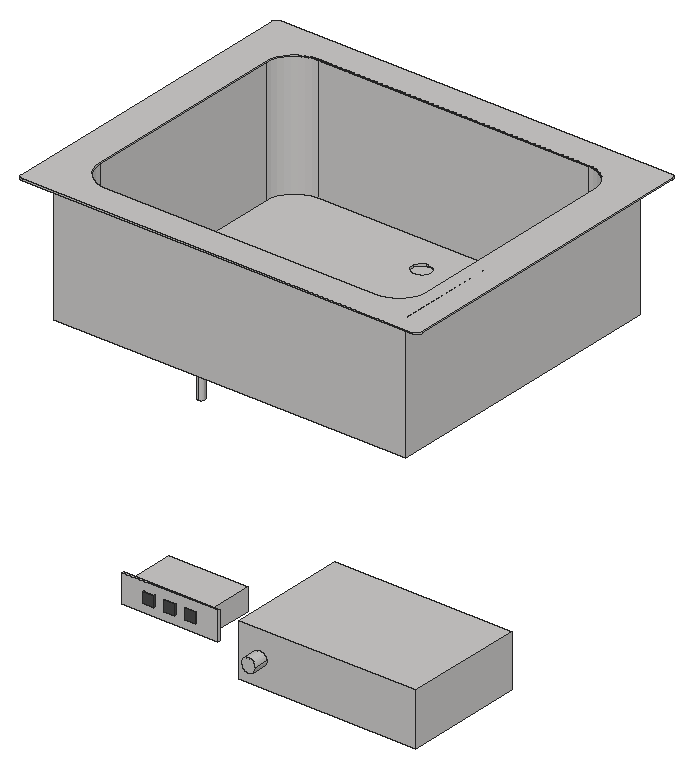
Revit family "QF_ELECTROLUXPROFESSIONAL_341088_D10R2", category Specialty Equipment, Revit 2018
Family settings
  Round Connector Dimension = Use Diameter
  Part Type = Normal
  Work Plane-Based = No
  Always vertical = Yes
  Cut with Voids When Loaded = No
  Shared = No
  Room Calculation Point = No
Parameters (values of type "Standard")
  Weight = 22.50 kg
  Watts = 0 W
  Volts = 220 V
  URL Manufacturer = "http://professional.electrolux.com"
  URL = "http://professional.electrolux.com"
  Steam Supply Size = 0 mm
  Steam Supply Minimum Pressure = 0.0 Pa
  Steam Supply Maximum Pressure = 0.0 Pa
  Steam Pounds per Hour = 0
  Show Clearance [instance] = yes
  Remote Electrical Box_Z [instance] = 200.00 mm
  Remote Electrical Box_Y [instance] = 500.00 mm
  Remote Electrical Box_X [instance] = 500.00 mm
  Refrigeration Suction Line Size = 0.042 mm
  Refrigeration Liquid Line Size = 0.031 mm
  Refrigerant Compressor Remote = yes
  Manufacturer = "Electrolux Professional"
  Phase = 1
  Model = "D10R2"
  Length Actual = 770.00 mm  # constant formula
  Item Number = "341088"
  Hot Water Size = 0 mm
  Height Actual = 260.00 mm  # constant formula
  HP = "0 HP"
  Gas Size = 0 mm
  Gas KW = 0
  Gas Input Pressure = 0 W
  Direct Waste Size = 25.4 mm
  Description = "DROP-IN REMOTE, REFRIGERATED WELL, STATIC, 2GN"
  Depth Actual = 620.00 mm  # constant formula
  Cycle = 50 Hz
  Controller_Y [instance] = 500.00 mm
  Controller_1Z [instance] = 200.00 mm
  Controller_1X [instance] = 200.00 mm
  Condensate Return Size = 0 mm
  Compressed Air Volume = 0.0 L/s
  Compressed Air Size = 0 mm
  Compressed Air Pressure = 0.0 Pa
  Cold Water Size = 0 mm
  Accessory = yes
Types (2, lengths in mm): name | Volts | URL Manufacturer | URL | Manufacturer | Phase | Model | Item Number | Description | Cycle
  341036.rfa | 0 V | "" | 0.00 | 0.00 | 0 | 0.00 | "" | 0.00 | 0 Hz
  Standard | 220 V | "http://professional.electrolux.com" | "http://professional.electrolux.com" | "Electrolux Professional" | 1 | "D10R2" | "341088" | "DROP-IN REMOTE, REFRIGERATED WELL, STATIC, 2GN" | 50 Hz
Reference planes
  plane 1 "Centro (Fronte/Retro)": y = 74.737
  plane 2: z = 0
  plane 3 "BACK": y = 384.737
  plane 4 "FRONT": y = -235.263
  plane 5 "RIGHT": x = -129.269
  plane 6 "LEFT": x = -899.269
  plane 7 "1": x = -514.269
  plane 8 "TOP": z = 900
  plane 9: y = 354.737
  plane 10: y = -205.263
  plane 11: x = -176.469
  plane 12: x = -852.069
  plane 13: y = 329.737
  plane 14: y = -180.263
  plane 15: x = -829.269
  plane 16: x = -199.269
  plane 17: z = 898
  plane 18: z = 658
  plane 19: z = 661
  plane 20: z = 265
  plane 21: x = -354.269
  plane 22: y = 349.537
  plane 23: y = -200.063
  plane 24: x = -774.269
  plane 25: x = -324.269
  plane 26: x = -514.269
  plane 27: y = 254.737
  plane 28: y = -165.263
  plane 29: y = 314.737
  plane 30: x = -699.269
  plane 31: x = -399.269
  plane 32: y = -115.263
  plane 33: y = -115.263
  plane 34: z = 200
  plane 35: z = 200
Forms (mm)
  Extrusion 1, solid, material "QF_Finishes_Stainless Steel"
    sketch origin (0, 0, 900) x (-1, 0, 0) y (0, -1, 0)
      loop
        line (176.469, -354.737) -> (852.069, -354.737) -> (852.069, 205.263) -> (176.469, 205.263) -> (176.469, -354.737)
    from -2 to -242
  Extrusion 2, void
    sketch origin (0, 0, 900) x (-1, 0, 0) y (0, -1, 0)
      loop
        line (829.269, -273.737) -> (829.269, 124.263)
        arc (829.269, 124.263) -> (812.867, 163.861) -> (773.269, 180.263) r 56
        line (773.269, 180.263) -> (255.269, 180.263)
        arc (255.269, 180.263) -> (215.671, 163.861) -> (199.269, 124.263) r 56
        line (199.269, 124.263) -> (199.269, -273.737)
        arc (199.269, -273.737) -> (215.671, -313.335) -> (255.269, -329.737) r 56
        line (255.269, -329.737) -> (773.269, -329.737)
        arc (773.269, -329.737) -> (812.867, -313.335) -> (829.269, -273.737) r 56
    from 0 to -239
  Extrusion 3, void
    sketch origin (-498.395, -193.95, 900) x (-1, 0, 0) y (0, -1, 0)
      loop
        circle (15.874, -448.687) r 18
    from -243.6 to -239
  Sweep 4, solid, material "QF_Finishes_Stainless Steel"
    path origin (-514.269, 0, 0) x (0, 1, 0) y (0, 0, 1)
      loop
        line (254.737, 658) -> (254.737, 629) -> (205.737, 629)
    profile origin (-514.269, 254.737, 643.5) x (1, 0, 0) y (0, 1, 0)
      loop
        circle (0, 0) r 18
  Extrusion 5, solid, material "QF_Finishes_Stainless Steel"
    sketch origin (0, 0, 900) x (-1, 0, 0) y (0, -1, 0)
      loop
        line (139.269, -384.737) -> (889.269, -384.737)
        arc (889.269, -384.737) -> (896.34, -381.808) -> (899.269, -374.737) r 10
        line (899.269, -374.737) -> (899.269, 225.263)
        arc (899.269, 225.263) -> (896.34, 232.334) -> (889.269, 235.263) r 10
        line (889.269, 235.263) -> (139.269, 235.263)
        arc (139.269, 235.263) -> (132.198, 232.334) -> (129.269, 225.263) r 10
        line (129.269, 225.263) -> (129.269, -374.737)
        arc (129.269, -374.737) -> (132.198, -381.808) -> (139.269, -384.737) r 10
      loop
        arc (829.269, 124.263) -> (812.867, 163.861) -> (773.269, 180.263) r 56
        line (773.269, 180.263) -> (255.269, 180.263)
        arc (255.269, 180.263) -> (215.671, 163.861) -> (199.269, 124.263) r 56
        line (199.269, 124.263) -> (199.269, -273.737)
        arc (199.269, -273.737) -> (215.671, -313.335) -> (255.269, -329.737) r 56
        line (255.269, -329.737) -> (773.269, -329.737)
        arc (773.269, -329.737) -> (812.867, -313.335) -> (829.269, -273.737) r 56
        line (829.269, -273.737) -> (829.269, 124.263)
    from 0 to -2
  Extrusion 6, solid, material "QF_Finishes_Stainless Steel"
    sketch origin (-907.332, 589.006, 746) x (0, -1, 0) y (1, 0, 0)
      loop
        circle (566.269, 155.263) r 6.35
    from -88 to -288
  Extrusion 7, solid, material "QF_Finishes_Stainless Steel"
    sketch origin (-907.332, 589.006, 746) x (0, -1, 0) y (1, 0, 0)
      loop
        circle (466.269, 155.263) r 4.76
    from -88 to -238
Cuts and joins
  Extrusion 2, Extrusion 3 cuts Extrusion 1
Lines and regions (mm)
  symbolic lines
    curve 1: line (-139.269, 384.737, 900) -> (-889.269, 384.737, 900)
    curve 2: arc (-889.269, 384.737, 900) -> (-896.34, 381.808, 900) -> (-899.269, 374.737, 900) r 10
    curve 3: line (-899.269, 374.737, 900) -> (-899.269, -225.263, 900)
    curve 4: arc (-899.269, -225.263, 900) -> (-896.34, -232.334, 900) -> (-889.269, -235.263, 900) r 10
    curve 5: line (-889.269, -235.263, 900) -> (-139.269, -235.263, 900)
    curve 6: arc (-139.269, -235.263, 900) -> (-132.198, -232.334, 900) -> (-129.269, -225.263, 900) r 10
    curve 7: line (-129.269, -225.263, 900) -> (-129.269, 374.737, 900)
    curve 8: arc (-129.269, 374.737, 900) -> (-132.198, 381.808, 900) -> (-139.269, 384.737, 900) r 10
    curve 9: line (-829.269, -124.263, 900) -> (-829.269, 273.737, 900)
    curve 10: arc (-829.269, 273.737, 900) -> (-812.867, 313.335, 900) -> (-773.269, 329.737, 900) r 56
    curve 11: line (-773.269, 329.737, 900) -> (-255.269, 329.737, 900)
    curve 12: arc (-255.269, 329.737, 900) -> (-215.671, 313.335, 900) -> (-199.269, 273.737, 900) r 56
    curve 13: line (-199.269, 273.737, 900) -> (-199.269, -124.263, 900)
    curve 14: arc (-199.269, -124.263, 900) -> (-215.671, -163.861, 900) -> (-255.269, -180.263, 900) r 56
    curve 15: line (-255.269, -180.263, 900) -> (-773.269, -180.263, 900)
    curve 16: arc (-773.269, -180.263, 900) -> (-812.867, -163.861, 900) -> (-829.269, -124.263, 900) r 56
    curve 17: arc (-496.269, 254.737, 900) -> (-514.269, 272.737, 900) -> (-532.269, 254.737, 900) r 18
    curve 18: arc (-532.269, 254.737, 900) -> (-514.269, 236.737, 900) -> (-496.269, 254.737, 900) r 18
  symbolic lines, style "SpecialityEquipmentHiddenLines"
    curve 19: line (-852.069, 354.737, 900) -> (-176.469, 354.737, 900)
    curve 20: line (-852.069, -205.263, 900) -> (-852.069, 354.737, 900)
    curve 21: line (-176.469, -205.263, 900) -> (-852.069, -205.263, 900)
    curve 22: line (-176.469, 354.737, 900) -> (-176.469, -205.263, 900)
    curve 23: line (-774.269, 314.737, 900) -> (-324.269, 314.737, 900)
    curve 24: line (-774.269, -165.263, 900) -> (-774.269, 314.737, 900)
    curve 25: line (-324.269, -165.263, 900) -> (-774.269, -165.263, 900)
    curve 26: line (-324.269, 314.737, 900) -> (-324.269, -165.263, 900)
    curve 27: line (-514.269, 329.737, 900) -> (-514.269, -180.263, 900)
Dimensions and locks
  plane 6 "LEFT" to plane 5 "RIGHT" = 770.00 mm
  equal spacing: plane 3 "BACK", plane 1 "Centro (Fronte/Retro)", plane 4 "FRONT"
  plane 3 "BACK" to plane 4 "FRONT" = 620.00 mm
  equal spacing: plane 6 "LEFT", plane 7 "1", plane 5 "RIGHT"
  locked: plane 8 "TOP" to plane 2 at 900
  plane 6 "LEFT" to plane 12 = 47.20 mm
  plane 11 to plane 5 "RIGHT" = 47.20 mm
  locked: plane 3 "BACK" to plane 9 at 30
  locked: plane 10 to plane 4 "FRONT" at 30
  locked: plane 3 "BACK" to plane 13 at 55
  locked: plane 14 to plane 4 "FRONT" at 55
  locked: plane 6 "LEFT" to plane 15 at 70
  locked: plane 16 to plane 5 "RIGHT" at 70
  locked: plane 8 "TOP" to plane 17 at 2
  plane 8 "TOP" to plane 18 = 242.00 mm
  locked: plane 19 to plane 18 at 3
  plane 8 "TOP" to plane 20 = 635.00 mm
  plane 25 to plane 24 = 450.00 mm
  plane 26 to plane 5 "RIGHT" = 385.00 mm
  locked: plane 13 to plane 27 at 75
  plane 15 to plane 16 = 630.00 mm
  plane 13 to plane 14 = 510.00 mm
  plane 24 to plane 6 "LEFT" = 125.00 mm
  plane 18 to plane 20 = 393.00 mm
  equal spacing: plane 28, plane 1 "Centro (Fronte/Retro)", plane 29
  plane 28 to plane 29 = 480.00 mm
  "Controller_Y": plane 3 "BACK" to plane 33
  "Remote Electrical Box_Y": plane 3 "BACK" to plane 32
  "Controller_1X": plane 6 "LEFT" to plane 30
  "Remote Electrical Box_X": plane 6 "LEFT" to plane 31
  "Remote Electrical Box_Z": plane 35 to plane 2
  "Controller_1Z": plane 34 to plane 2
  aligned and locked: level to plane 2
  aligned and locked: plane 9 to Extrusion 1 sketch curve
  aligned and locked: plane 11 to Extrusion 1 sketch curve
  aligned and locked: Extrusion 1 sketch curve to plane 10
  aligned and locked: Extrusion 1 sketch curve to plane 12
  aligned and locked: Extrusion 1 to plane 18
  aligned and locked: Extrusion 2 to plane 19
  aligned and locked: plane 19 to Extrusion 3
  aligned and locked: Extrusion 5 to plane 17
  aligned and locked: plane 30 to nested 1
  aligned and locked: plane 31 to nested 2
  aligned and locked: plane 32 to nested 2
  aligned and locked: nested 1 to plane 33
  aligned and locked: nested 1 to plane 34
  aligned and locked: plane 35 to nested 2
Automatic sketch dimensions
  Extrusion 2 sketch curve to plane 13 = 56.00 mm
  Extrusion 2 sketch curve to plane 16 = 56.00 mm
  plane 14 to Extrusion 2 sketch curve = 56.00 mm
  plane 15 to Extrusion 2 sketch curve = 56.00 mm
  Extrusion 3 sketch curve to plane 26 = 0.00 mm
  Extrusion 3 sketch curve to plane 27 = 0.00 mm
  Sweep 4 sketch curve to plane 27 = 0.00 mm
  Sweep 4 sketch curve to plane 18 = 0.00 mm
  Sweep 4 sketch curve to plane 18 = 29.00 mm
  Sweep 4 sketch curve to Sweep 4 sketch curve = 49.00 mm
  Sweep 4 sketch curve to Sweep 4 sketch curve = 0.00 mm  (x2)
  profile plane to Sweep 4 sketch curve = 0.00 mm
  Sweep 4 sketch curve to plane 7 "1" = 0.00 mm
  Sweep 4 sketch curve to plane 7 "1" = 18.00 mm
  Extrusion 2 sketch curve to plane 16 = 0.00 mm
  Extrusion 2 sketch curve to plane 14 = 0.00 mm
  Extrusion 2 sketch curve to plane 13 = 0.00 mm
  Extrusion 2 sketch curve to plane 15 = 0.00 mm
  Extrusion 5 sketch curve to plane 3 "BACK" = 0.00 mm
  Extrusion 5 sketch curve to plane 6 "LEFT" = 0.00 mm
  Extrusion 5 sketch curve to plane 3 "BACK" = 10.00 mm  (x2)
  plane 4 "FRONT" to Extrusion 5 sketch curve = 10.00 mm
  Extrusion 5 sketch curve to plane 4 "FRONT" = 0.00 mm
  Extrusion 5 sketch curve to plane 5 "RIGHT" = 10.00 mm
  Extrusion 5 sketch curve to plane 5 "RIGHT" = 0.00 mm
  Extrusion 5 sketch curve to plane 16 = 0.00 mm
  Extrusion 5 sketch curve to plane 14 = 0.00 mm
  Extrusion 5 sketch curve to plane 13 = 0.00 mm
  Extrusion 5 sketch curve to plane 15 = 0.00 mm
  plane 27 to Extrusion 5 sketch curve = 19.00 mm
  plane 28 to Extrusion 5 sketch curve = 41.00 mm
  plane 24 to Extrusion 5 sketch curve = 1.00 mm  (x2)
  curve 7 to plane 5 "RIGHT" = 0.00 mm
  curve 8 to plane 3 "BACK" = 0.00 mm
  curve 6 to plane 4 "FRONT" = 0.00 mm
  curve 22 to plane 9 = 0.00 mm
  curve 22 to plane 11 = 0.00 mm
  curve 14 to plane 16 = 0.00 mm
  curve 25 to plane 25 = 0.00 mm
  curve 17 to plane 27 = 0.00 mm
  curve 27 to plane 7 "1" = 0.00 mm
  curve 18 to plane 7 "1" = 0.00 mm
  curve 23 to plane 24 = 0.00 mm
  curve 10 to plane 15 = 0.00 mm
  curve 20 to plane 12 = 0.00 mm
  curve 2 to plane 6 "LEFT" = 0.00 mm
  curve 27 to plane 13 = 0.00 mm
  curve 23 to plane 29 = 0.00 mm
  curve 25 to plane 28 = 0.00 mm
  curve 27 to plane 14 = 0.00 mm
  curve 21 to plane 10 = 0.00 mm
  curve 6 to curve 6 = 10.00 mm
  curve 8 to plane 3 "BACK" = 10.00 mm
  curve 15 to plane 16 = 56.00 mm
  plane 27 to curve 12 = 19.00 mm
  plane 24 to curve 15 = 1.00 mm
  plane 24 to curve 11 = 1.00 mm
  curve 2 to plane 3 "BACK" = 10.00 mm
  plane 6 "LEFT" to curve 5 = 10.00 mm
  plane 7 "1" to curve 17 = 18.00 mm
  plane 24 to Extrusion 6 sketch curve = 22.20 mm
  plane 1 "Centro (Fronte/Retro)" to Extrusion 6 sketch curve = 52.00 mm
  plane 24 to Extrusion 7 sketch curve = 22.20 mm
  Extrusion 7 sketch curve to plane 1 "Centro (Fronte/Retro)" = 48.00 mm
  radius of Extrusion 3 sketch curve = 18.00 mm
  radius of Extrusion 6 sketch curve = 6.35 mm
  radius of Extrusion 7 sketch curve = 4.76 mm
Nested families
  nested 1: "Controller" at (-699.269, -115.263, 200), type "Controller"
  nested 2: "Remote_Electrical_Box" at (-399.269, -0.263, 100), type "Remote_Electrical_Box"
  nested 3: "Refrigerator" at (-309.269, -45.263, 900), type "Refrigerator"
Connectors
  piping at (-514.269, 205.737, 629), diameter 36
    settings: on Sweep 4, index 1, connector inside diameter 609.6 mm, connector length 0.00 mm, flow factor 0, pipe flow 0.0 L/s, pressure drop 0.0 Pa, fitting loss kfactor 0, connector angle 0.00°, fixture units 0, engagement length 0.00 mm, angle of deflection 0.00°, flow configuration 1, flow direction 1, fitting loss method 0, system type 16, joint type 0, gender type 0, connector reference index -1, connector utility 0, adjustable connector no, is connector primary yes, connector description "Drain"
  electrical at (-529.269, -142.263, 149.381)
    settings: on nested 2, index 2, voltage 0 V, apparent load 0 VA, apparent load phase1 0 VA, apparent load phase2 0 VA, apparent load phase3 0 VA, power factor 1, load classification "Altro", number of poles 1, system type 14, power factor state 1, is connector primary yes, connector utility no, sub classification motor no, connector description ""
  piping at (-752.069, 22.737, 458), diameter 12.7
    settings: on Extrusion 6, index 6, connector inside diameter 609.6 mm, connector length 0.00 mm, flow factor 0, pipe flow 0.0 L/s, pressure drop 0.0 Pa, fitting loss kfactor 0, connector angle 0.00°, fixture units 0, engagement length 0.00 mm, angle of deflection 0.00°, flow configuration 1, flow direction 1, fitting loss method 0, system type 22, joint type 0, gender type 0, connector reference index -1, connector utility 0, adjustable connector no, is connector primary no, connector description ""
  piping at (-752.069, 122.737, 508), diameter 9.52
    settings: on Extrusion 7, index 7, connector inside diameter 609.6 mm, connector length 0.00 mm, flow factor 0, pipe flow 0.0 L/s, pressure drop 0.0 Pa, fitting loss kfactor 0, connector angle 0.00°, fixture units 0, engagement length 0.00 mm, angle of deflection 0.00°, flow configuration 1, flow direction 1, fitting loss method 0, system type 23, joint type 0, gender type 0, connector reference index -1, connector utility 0, adjustable connector no, is connector primary no, connector description ""
Definition of nested family "Controller"
  Reference planes
    plane 1 "Center (Front/Back)": y = 0
    plane 2: z = 0
    plane 3 "Center (Left/Right)": x = 0
  Forms (mm)
    Extrusion 1, solid
      sketch origin (0, 44.769, -48.2) x (1, 0, 0) y (0, 1, 0)
        loop
          line (-76, 43.231) -> (-76, -47.65) -> (76, -47.65) -> (76, 43.231) -> (-76, 43.231)
      from 6.2 to 48.2
    Extrusion 2, solid
      sketch origin (0, 44.769, -48.2) x (1, 0, 0) y (0, 0, 1)
        loop
          line (-92.25, 54.4) -> (-92.25, 0) -> (92.25, 0) -> (92.25, 54.4) -> (-92.25, 54.4)
        loop
          line (-76, 48.2) -> (-76, 6.2) -> (76, 6.2) -> (76, 48.2) -> (-76, 48.2)
      from 44.769 to 47.65
    Extrusion 3, solid
      sketch origin (76, -2.881, -48.2) x (-1, 0, 0) y (0, 0, -1)
        loop
          line (106, -37.2) -> (126, -37.2) -> (126, -17.2) -> (106, -17.2) -> (106, -37.2)
        loop
          line (66, -37.2) -> (86, -37.2) -> (86, -17.2) -> (66, -17.2) -> (66, -37.2)
        loop
          line (26, -37.2) -> (46, -37.2) -> (46, -17.2) -> (26, -17.2) -> (26, -37.2)
      from 0 to 2
    Extrusion 4, void
      sketch origin (0, 0, 0) x (1, 0, 0) y (0, 1, 0)
        loop
          line (76, 88) -> (-76, 88) -> (-76, 0) -> (76, 0) -> (76, 88)
      from 0 to -42
  Cuts and joins
    Extrusion 4 cuts Extrusion 2
    joined: Extrusion 1, Extrusion 2
  Lines and regions (mm)
    symbolic lines
      curve 1: line (-76, 88, 0) -> (-76, 0, 0)
      curve 2: line (76, 88, 0) -> (-76, 88, 0)
      curve 3: line (76, 0, 0) -> (76, 88, 0)
      curve 4: line (-92.25, -2.881, 0) -> (92.25, -2.881, 0)
      curve 5: line (-92.25, 0, 0) -> (-92.25, -2.881, 0)
      curve 6: line (92.25, 0, 0) -> (-92.25, 0, 0)
      curve 7: line (92.25, -2.881, 0) -> (92.25, 0, 0)
  Dimensions and locks
    aligned and locked: level to plane 2
Definition of nested family "Remote_Electrical_Box"
  Parameters (values of type "Remote_Electrical_Box")
    Default Elevation = 1219.20 mm
  Reference planes
    plane 1 "Center (Front/Back)": y = 0
    plane 2: z = 0
    plane 3 "Center (Left/Right)": x = 0
    plane 4: x = -170
    plane 5: x = 170
    plane 6: y = 115
    plane 7: y = -115
    plane 8: z = 100
    plane 9: z = 50
  Forms (mm)
    Extrusion 1, solid
      sketch origin (0, 0, 0) x (1, 0, 0) y (0, 1, 0)
        loop
          line (-170, 115) -> (-170, -115) -> (170, -115) -> (170, 115) -> (-170, 115)
      from 0 to 100
    Extrusion 2, solid
      sketch origin (0, 0, 0) x (1, 0, 0) y (0, 0, 1)
        loop
          circle (-130, 49.381) r 13
      from 115 to 142
  Lines and regions (mm)
    symbolic lines
      curve 1: line (-170, 115, 0) -> (170, 115, 0)
      curve 2: line (-170, -115, 0) -> (-170, 115, 0)
      curve 3: line (170, -115, 0) -> (-170, -115, 0)
      curve 4: line (170, 115, 0) -> (170, -115, 0)
      curve 5: line (-143, -142, 0) -> (-117, -142, 0)
      curve 6: line (-143, -142, 0) -> (-143, -115, 0)
      curve 7: line (-117, -142, 0) -> (-117, -115, 0)
  Dimensions and locks
    equal spacing: plane 4, plane 3 "Center (Left/Right)", plane 5
    equal spacing: plane 6, plane 1 "Center (Front/Back)", plane 7
    plane 4 to plane 5 = 340.00 mm
    plane 6 to plane 7 = 230.00 mm
    Extrusion 1 to Extrusion 2 sketch curve = 40.00 mm
    equal spacing: plane 8, plane 9, plane 2
    aligned and locked: level to plane 2
    aligned and locked: Extrusion 1 sketch curve to plane 6
    aligned and locked: plane 4 to Extrusion 1 sketch curve
    aligned and locked: plane 7 to Extrusion 1 sketch curve
    aligned and locked: Extrusion 1 sketch curve to plane 5
    aligned and locked: plane 7 to Extrusion 2
    aligned and locked: plane 8 to Extrusion 1
  Automatic sketch dimensions
    level to Extrusion 2 sketch curve = 49.381 mm
    curve 3 to plane 4 = 0.00 mm
    curve 7 to plane 7 = 0.00 mm
    curve 3 to plane 5 = 0.00 mm
    curve 2 to plane 6 = 0.00 mm
    plane 4 to curve 6 = 27.00 mm
    curve 5 to curve 6 = 27.00 mm
    curve 6 to curve 7 = 26.00 mm
    radius of Extrusion 2 sketch curve = 13.00 mm
Definition of nested family "Refrigerator"
  Reference planes
    plane 1 "Center (Front/Back)": y = 0
    plane 2: z = 0
    plane 3 "Center (Left/Right)": x = 0
  Lines and regions (mm)
    detail lines, in view "Ref. Level"
      curve 1: line (0, -60, 0) -> (0, 60, 0)
      curve 2: line (-51.962, 30, 0) -> (51.962, -30, 0)
      curve 3: line (-51.962, -30, 0) -> (51.962, 30, 0)
      curve 4: line (19.116, 56.873, 0) -> (0, 35, 0)
      curve 5: line (0, 35, 0) -> (-19.116, 56.873, 0)
      curve 6: line (-30.311, 17.5, 0) -> (-40, 45.883, 0)
      curve 7: line (-59.736, 11.7, 0) -> (-30.311, 17.5, 0)
      curve 8: line (-30.311, -17.5, 0) -> (-59.736, -11.7, 0)
      curve 9: line (-40, -45.883, 0) -> (-30.311, -17.5, 0)
      curve 10: line (0, -35, 0) -> (-19.116, -56.873, 0)
      curve 11: line (19.116, -56.873, 0) -> (0, -35, 0)
      curve 12: line (30.311, -17.5, 0) -> (39.696, -44.992, 0)
      curve 13: line (58.812, -11.882, 0) -> (30.311, -17.5, 0)
      curve 14: line (30.311, 17.5, 0) -> (58.812, 11.882, 0)
      curve 15: line (39.696, 44.992, 0) -> (30.311, 17.5, 0)
